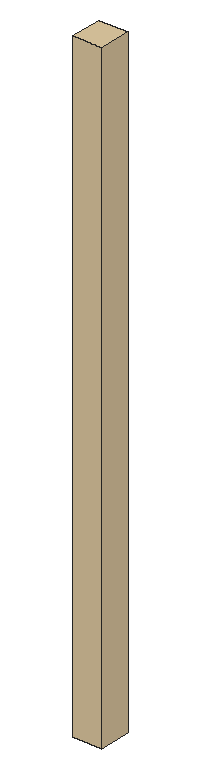
Revit family "Glulam-Southern Pine-Column", category 구조 기둥, Revit 2026
Family settings
  단면 모양 = 정의되지 않음
  모델 동작 재료 = 목재
  항상 형상으로 내보내기 = 아니오
  평면의 보 전환 = 경계 상자에서
  로드될 때 보이드를 사용하여 절단 = 아니오
  기호 표현 = 프로젝트 설정에서
  공유 = 아니오
  평면도에서 미리 절단된 패밀리 표시 = 예
Parameters (values of type "5x5.5")
  Structural Material [instance] = Wood - Dimensional Lumber
  A = 27.36 in²
  조합 코드 = "B10"
  Ix = 69.32
  Iy = 57.29
  Laminations = "4"
  Sx = 25.21
  Sy = 22.92
  b = 0' - 5"
  d = 0' - 5 1/2"
Types (2): name | A | Ix | Iy | Sx | Sy | b
  5x5.5 | 27.36 in² | 69.32 | 57.29 | 25.21 | 22.92 | 0' - 5"
  3x5.5 | 15.84 in² | 41.59 | 12.38 | 15.13 | 8.25 | 0' - 3"
Reference planes (in)
  plane 1 "Center (Front/Back)": y = 0
  plane 2: z = 0
  plane 3 "Center (Left/Right)": x = 0
  plane 4: x = -2.5
  plane 5: x = 2.5
  plane 6: y = 2.75
  plane 7: y = -2.75
Forms (in)
  Extrusion 1, solid, material "Wood - Dimensional Lumber" <- "Structural Material", detail levels medium+fine
    sketch origin (0, 0, 0) x (1, 0, 0) y (0, 1, 0)
      loop
        line (-2.5, 2.75) -> (-2.5, -2.75) -> (2.5, -2.75) -> (2.5, 2.75) -> (-2.5, 2.75)
    from 0 to 108
Lines and regions (in)
  symbolic lines, style "StructuralColumnStickSymbols", detail levels coarse
    curve 1: line (-2.5, 2.75, 0) -> (2.5, 2.75, 0)
    curve 2: line (-2.5, -2.75, 0) -> (2.5, -2.75, 0)
    curve 3: line (-2.5, 2.75, 0) -> (-2.5, -2.75, 0)
    curve 4: line (2.5, 2.75, 0) -> (2.5, -2.75, 0)
Dimensions and locks (in)
  equal spacing: plane 4, plane 3 "Center (Left/Right)", plane 5
  equal spacing: plane 7, plane 1 "Center (Front/Back)", plane 6
  "d": plane 7 to plane 6
  "b": plane 4 to plane 5
  aligned and locked: plane 6 to Extrusion 1 sketch curve
  aligned and locked: Extrusion 1 sketch curve to plane 7
  aligned and locked: Extrusion 1 sketch curve to plane 4
  aligned and locked: plane 5 to Extrusion 1 sketch curve
  aligned and locked: level to Extrusion 1
  aligned and locked: level to plane 2
  aligned and locked: Extrusion 1 to plane 2
Automatic sketch dimensions
  curve 3 to plane 4 = 0' - 0"
  curve 4 to plane 5 = 0' - 0"
  curve 3 to plane 7 = 0' - 0"
  curve 3 to plane 6 = 0' - 0"
